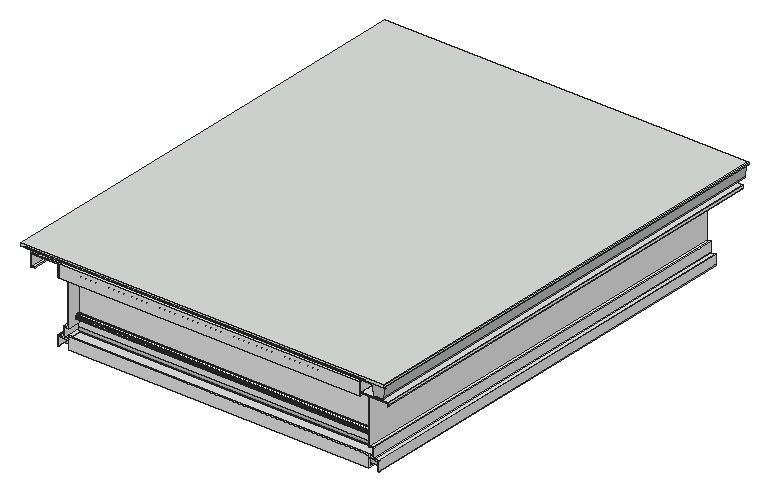
Revit family "Furniture-Mirror_Cabinet-KOHLER-K-55060_1", category Casework, host Face, Revit 2021
Family settings
  Host = Face
  OmniClass Number = 23.21.19.00
  OmniClass Title = Casework
  Cut with Voids When Loaded = No
  Shared = No
  Room Calculation Point = No
Parameters (values of type "NA-Not Applicable")
  Width = 15 63/64"  # constant formula
  WaterSense Certified = 1 = 0  # no
  URL = "https://www.us.kohler.com/us/"
  Type = 1
  Product Page URL = "http://www.us.kohler.com/us/catalog/productDetails.jsp?productNumber=55060"
  Product Name = ""
  Product Documentation Link = "https://www.us.kohler.com/webassets/kpna/catalog/pdf/en/K-55060_spec_US-CA_Kohler_en.pdf"
  Model = if(Type = 1, "K-55060-NA", "NA")  # "K-55060-NA"
  Material = "Aluminium"  # constant formula
  Master Format 2014 Name = "Bathroom Casework"  # constant formula
  Master Format 2014 = "12 35 30.23"  # constant formula
  Manufacturer Address = "444 Highland Dr, Kohler, WI 53044"  # constant formula
  Manufacturer = "Kohler Co."  # constant formula
  Product Finish = Kohler-Metal-V-Matte_Silver
  Height = 20"  # constant formula
  Hardware Included = 1 = 0  # no
  Finish = "Kohler-Metal-V-Matte_Silver"  # constant formula
  Environmental Product Declaration = ""
  Description = "CL Refresh 16 Inch X 20 Inch Recessed Only OPP"  # constant formula
  Depth = 4 3/128"  # constant formula
  Default Elevation = 60"
  Declare Label = ""
  Date Modified = "06/26/2023"  # constant formula
  Date Created = "06/26/2023"  # constant formula
  Copyright = "Copyright Kohler Co."  # constant formula
  Contact Us = "https://www.us.kohler.com/us/static/contact.jsp"
  Assembly Code = "E2010.30"
  ADA Compliant = 1 = 0  # no
Reference planes
  plane 1 "Center (Front/Back)": y = 0
  plane 2: z = 0
  plane 3 "Center (Left/Right)": x = 0
  plane 4: y = 254
  plane 5: y = -254
  plane 6: x = 203
  plane 7: x = -203.003
  plane 8: z = 24.105
  plane 9: z = -78.09
  plane 10: z = 14.01
  plane 11: z = 21.105
  plane 12: z = 23.47
  plane 13: z = 21.74
  plane 14: x = 182.172
  plane 15: x = -176.156
  plane 16: z = 8.312
  plane 17: y = 234.8
  plane 18: y = -234.8
Forms (mm)
  Extrusion 1, void
    sketch origin (0, 0, 0) x (1, 0, 0) y (0, 1, 0)
      loop
        line (182.172, -234.8) -> (182.172, 234.8) -> (-176.175, 234.8) -> (-176.175, -234.8) -> (182.172, -234.8)
    from -78.091 to 0
Dimensions and locks
  "Width": plane 7 to plane 6
  "Height": plane 5 to plane 4
  "Depth": plane 9 to plane 8
  plane 8 to level = 0.94902"
  plane 8 to plane 11 = 0.11811"
  level to plane 9 = 3.07442"  (x2)
  plane 7 to plane 6 = 15 63/64"
  plane 10 to plane 9 = 3.62599"
  plane 14 to plane 15 = 14.10742"
  plane 8 to plane 16 = 0.62179"
  plane 17 to plane 18 = 18.48819"
  aligned and locked: plane 2 to host face
  aligned and locked: level to host face
Automatic sketch dimensions
  host sketch curve to host sketch curve = 96"  (x2)
  Extrusion 1 sketch curve to plane 7 = 1.05622"
  Extrusion 1 sketch curve to plane 6 = 0.82"
  plane 5 to Extrusion 1 sketch curve = 0.75591"
  plane 4 to Extrusion 1 sketch curve = 0.75591"
Nested families
  nested 1: "K-55060" at (0, 0, -78.095), type "K-55060"
Definition of nested family "K-55060"
  Parameters
    Material = none
    Default Elevation = 0"
  Reference planes
    plane 1 "Center (Front/Back)": y = 0
    plane 2: z = 0
    plane 3 "Center (Left/Right)": x = 0
    plane 4: y = 254
    plane 5: y = -254
    plane 6: x = -203
    plane 7: x = 203
    plane 8: z = 92.1
    plane 9: z = 102.2
    plane 10: z = 78.095
    plane 11: x = 182.172
    plane 12: x = -176.156
    plane 13: z = 101.565
    plane 14: z = 99.835
  Forms (mm)
    Extrusion 1, solid, material <- "Material"
      sketch origin (0, 0, 0) x (0, 1, 0) y (0, 0, 1)
        loop
          line (228.459, 0.004) -> (234.804, 0.004) -> (234.804, 13.218)
          arc (234.804, 13.218) -> (234.253, 13.768) -> (233.703, 13.218) r 0.55
          line (233.703, 13.218) -> (233.703, 11.259) -> (219.178, 11.259)
          arc (219.178, 11.259) -> (218.785, 11.516) -> (218.862, 11.978) r 0.429
          arc (218.862, 11.978) -> (220.317, 14.309) -> (220.825, 17.01) r 7.432
          line (220.825, 17.01) -> (220.825, 25.57)
          arc (220.825, 25.57) -> (221.012, 25.92) -> (221.406, 25.958) r 0.42
          arc (221.406, 25.958) -> (223.248, 25.791) -> (224.856, 26.706) r 3.089
          arc (224.856, 26.706) -> (225.06, 27.358) -> (224.683, 27.927) r 0.794
          arc (224.683, 27.927) -> (224.295, 27.995) -> (223.962, 27.786) r 0.548
          arc (223.962, 27.786) -> (220.886, 28.744) -> (223.879, 29.935) r 1.709
          arc (223.879, 29.935) -> (224.383, 29.714) -> (224.876, 29.958) r 0.65
          arc (224.876, 29.958) -> (225.038, 30.454) -> (224.835, 30.935) r 0.745
          arc (224.835, 30.935) -> (223.235, 31.831) -> (221.41, 31.663) r 3.089
          arc (221.41, 31.663) -> (221.013, 31.702) -> (220.825, 32.053) r 0.423
          line (220.825, 32.053) -> (220.825, 68.547)
          arc (220.825, 68.547) -> (221.012, 68.896) -> (221.406, 68.935) r 0.42
          arc (221.406, 68.935) -> (223.248, 68.768) -> (224.856, 69.683) r 3.089
          arc (224.856, 69.683) -> (225.06, 70.335) -> (224.683, 70.904) r 0.794
          arc (224.683, 70.904) -> (224.295, 70.972) -> (223.962, 70.762) r 0.548
          arc (223.962, 70.762) -> (220.886, 71.721) -> (223.879, 72.912) r 1.709
          arc (223.879, 72.912) -> (224.383, 72.69) -> (224.876, 72.934) r 0.65
          arc (224.876, 72.934) -> (225.038, 73.431) -> (224.835, 73.912) r 0.745
          arc (224.835, 73.912) -> (223.235, 74.808) -> (221.41, 74.639) r 3.089
          arc (221.41, 74.639) -> (221.013, 74.678) -> (220.825, 75.03) r 0.423
          line (220.825, 75.03) -> (220.825, 90.526) -> (246.4, 90.526) -> (246.4, 79.193) -> (245.442, 79.193)
          arc (245.442, 79.193) -> (244.894, 78.645) -> (245.442, 78.097) r 0.548
          line (245.442, 78.097) -> (247.512, 78.097) -> (247.512, 91.645) -> (219.288, 91.645)
          arc (219.288, 91.645) -> (218.94, 91.43) -> (218.979, 91.023) r 0.388
          arc (218.979, 91.023) -> (219.533, 89.973) -> (219.725, 88.802) r 3.677
          line (219.725, 88.802) -> (219.725, 17.225)
          arc (219.725, 17.225) -> (218.757, 13.76) -> (216.133, 11.298) r 6.685
          arc (216.133, 11.298) -> (215.848, 11.03) -> (215.742, 10.653) r 0.728
          line (215.742, 10.653) -> (215.742, 9.86) -> (216.624, 9.86) -> (217.448, 10.16) -> (226.816, 10.16) -> (226.816, 7.113) -> (227.921, 7.113) -> (227.921, 10.16) -> (233.703, 10.16) -> (233.703, 1.112) -> (228.459, 1.112)
          arc (228.459, 1.112) -> (227.905, 0.558) -> (228.459, 0.004) r 0.554
      from -164.75 to 170.75
    Extrusion 2, solid, material <- "Material"
      sketch origin (0, 0, 0) x (1, 0, 0) y (0, 0, 1)
        loop
          line (171.85, 81.795) -> (171.85, 92.125) -> (170.75, 92.125) -> (170.75, 21.46) -> (175.1, 21.46) -> (175.1, 11.26) -> (170.75, 11.26) -> (170.75, 9.86) -> (171.545, 9.86) -> (172.369, 10.16) -> (181.072, 10.16) -> (181.072, 0.538)
          arc (181.072, 0.538) -> (181.622, -0.012) -> (182.172, 0.538) r 0.55
          line (182.172, 0.538) -> (182.172, 10.76)
          arc (182.172, 10.76) -> (182.026, 11.114) -> (181.672, 11.26) r 0.5
          line (181.672, 11.26) -> (176.7, 11.26)
          arc (176.7, 11.26) -> (176.346, 11.406) -> (176.2, 11.76) r 0.5
          line (176.2, 11.76) -> (176.2, 22.06)
          arc (176.2, 22.06) -> (176.054, 22.414) -> (175.7, 22.56) r 0.5
          line (175.7, 22.56) -> (171.85, 22.56) -> (171.85, 80.695) -> (201.4, 80.695) -> (201.4, 78.647)
          arc (201.4, 78.647) -> (201.95, 78.097) -> (202.5, 78.647) r 0.55
          line (202.5, 78.647) -> (202.5, 81.295)
          arc (202.5, 81.295) -> (202.354, 81.649) -> (202, 81.795) r 0.5
          line (202, 81.795) -> (171.85, 81.795)
      from -247.512 to 247.5
    Extrusion 3, void
      sketch origin (0, 0, 0) x (0, 1, 0) y (0, 0, 1)
        loop
          line (256.514, 78.095) -> (234.8, 78.095) -> (234.8, -21.905) -> (256.514, -21.905) -> (256.514, 78.095)
      from -339.721 to 250
    Extrusion 4, void
      sketch origin (0, 0, 0) x (0, -1, 0) y (0, 0, -1)
        loop
          line (256.514, -78.095) -> (256.514, 21.905) -> (234.8, 21.905) -> (234.8, -78.095) -> (256.514, -78.095)
      from -310.752 to 250
    Extrusion 5, solid, material <- "Material"
      sketch origin (0, 0, 0) x (0, -1, 0) y (0, 0, -1)
        loop
          arc (228.459, -0.004) -> (227.905, -0.558) -> (228.459, -1.112) r 0.554
          line (228.459, -1.112) -> (233.703, -1.112) -> (233.703, -10.16) -> (227.921, -10.16) -> (227.921, -7.113) -> (226.816, -7.113) -> (226.816, -10.16) -> (217.448, -10.16) -> (216.624, -9.86) -> (215.742, -9.86) -> (215.742, -10.653)
          arc (215.742, -10.653) -> (215.848, -11.03) -> (216.133, -11.298) r 0.728
          arc (216.133, -11.298) -> (218.757, -13.76) -> (219.725, -17.225) r 6.685
          line (219.725, -17.225) -> (219.725, -88.802)
          arc (219.725, -88.802) -> (219.533, -89.973) -> (218.979, -91.023) r 3.677
          arc (218.979, -91.023) -> (218.94, -91.43) -> (219.288, -91.645) r 0.388
          line (219.288, -91.645) -> (247.512, -91.645) -> (247.512, -78.097) -> (245.442, -78.097)
          arc (245.442, -78.097) -> (244.894, -78.645) -> (245.442, -79.193) r 0.548
          line (245.442, -79.193) -> (246.4, -79.193) -> (246.4, -90.526) -> (220.825, -90.526) -> (220.825, -75.03)
          arc (220.825, -75.03) -> (221.013, -74.678) -> (221.41, -74.639) r 0.423
          arc (221.41, -74.639) -> (223.235, -74.808) -> (224.835, -73.912) r 3.089
          arc (224.835, -73.912) -> (225.038, -73.431) -> (224.876, -72.934) r 0.745
          arc (224.876, -72.934) -> (224.383, -72.69) -> (223.879, -72.912) r 0.65
          arc (223.879, -72.912) -> (220.886, -71.721) -> (223.962, -70.762) r 1.709
          arc (223.962, -70.762) -> (224.295, -70.972) -> (224.683, -70.904) r 0.548
          arc (224.683, -70.904) -> (225.06, -70.335) -> (224.856, -69.683) r 0.794
          arc (224.856, -69.683) -> (223.248, -68.768) -> (221.406, -68.935) r 3.089
          arc (221.406, -68.935) -> (221.012, -68.896) -> (220.825, -68.547) r 0.42
          line (220.825, -68.547) -> (220.825, -32.053)
          arc (220.825, -32.053) -> (221.013, -31.702) -> (221.41, -31.663) r 0.423
          arc (221.41, -31.663) -> (223.235, -31.831) -> (224.835, -30.935) r 3.089
          arc (224.835, -30.935) -> (225.038, -30.454) -> (224.876, -29.958) r 0.745
          arc (224.876, -29.958) -> (224.383, -29.714) -> (223.879, -29.935) r 0.65
          arc (223.879, -29.935) -> (220.886, -28.744) -> (223.962, -27.786) r 1.709
          arc (223.962, -27.786) -> (224.295, -27.995) -> (224.683, -27.927) r 0.548
          arc (224.683, -27.927) -> (225.06, -27.358) -> (224.856, -26.706) r 0.794
          arc (224.856, -26.706) -> (223.248, -25.791) -> (221.406, -25.958) r 3.089
          arc (221.406, -25.958) -> (221.012, -25.92) -> (220.825, -25.57) r 0.42
          line (220.825, -25.57) -> (220.825, -17.01)
          arc (220.825, -17.01) -> (220.317, -14.309) -> (218.862, -11.978) r 7.432
          arc (218.862, -11.978) -> (218.785, -11.516) -> (219.178, -11.259) r 0.429
          line (219.178, -11.259) -> (233.703, -11.259) -> (233.703, -13.218)
          arc (233.703, -13.218) -> (234.253, -13.768) -> (234.804, -13.218) r 0.55
          line (234.804, -13.218) -> (234.804, -0.004) -> (228.459, -0.004)
      from -164.75 to 170.75
    Extrusion 6, solid, material <- "Material"
      sketch origin (0, 0, 0) x (1, 0, 0) y (0, 0, 1)
        loop
          line (-165.25, 92.125) -> (-196, 92.125)
          arc (-196, 92.125) -> (-196.354, 91.979) -> (-196.5, 91.625) r 0.5
          line (-196.5, 91.625) -> (-196.5, 78.595)
          arc (-196.5, 78.595) -> (-196.354, 78.241) -> (-196, 78.095) r 0.5
          line (-196, 78.095) -> (-192.486, 78.095)
          arc (-192.486, 78.095) -> (-191.936, 78.645) -> (-192.486, 79.195) r 0.55
          line (-192.486, 79.195) -> (-195.4, 79.195) -> (-195.4, 91.025) -> (-165.85, 91.025) -> (-165.85, 23.06)
          arc (-165.85, 23.06) -> (-165.996, 22.706) -> (-166.35, 22.56) r 0.5
          line (-166.35, 22.56) -> (-169.7, 22.56)
          arc (-169.7, 22.56) -> (-170.054, 22.414) -> (-170.2, 22.06) r 0.5
          line (-170.2, 22.06) -> (-170.2, 11.26) -> (-175.672, 11.26)
          arc (-175.672, 11.26) -> (-176.026, 11.114) -> (-176.172, 10.76) r 0.5
          line (-176.172, 10.76) -> (-176.172, 0.521)
          arc (-176.172, 0.521) -> (-175.622, -0.029) -> (-175.072, 0.521) r 0.55
          line (-175.072, 0.521) -> (-175.072, 10.16) -> (-166.072, 10.16) -> (-164.747, 9.852) -> (-164.747, 11.26) -> (-169.1, 11.26) -> (-169.1, 21.46) -> (-164.75, 21.46) -> (-164.75, 91.625)
          arc (-164.75, 91.625) -> (-164.896, 91.979) -> (-165.25, 92.125) r 0.5
      from -247.5 to 247.5
    Sweep 7, solid
      path origin (0, 0, 0) x (1, 0, 0) y (0, 1, 0)
        loop
          line (-203, 254) -> (-203, -254) -> (203, -254) -> (203, 254) -> (-203, 254)
      profile origin (-203, 0, 0) x (1, 0, 0) y (0, 0, 1)
        loop
          line (15.668, 95.209) -> (15.668, 99.2) -> (2.505, 99.2) -> (2.505, 98.28)
          arc (2.505, 98.28) -> (2.629, 97.883) -> (2.959, 97.628) r 0.694
          arc (2.959, 97.628) -> (4.028, 96.889) -> (4.61, 95.727) r 2.617
          arc (4.61, 95.727) -> (4.84, 95.355) -> (5.252, 95.209) r 0.656
          line (5.252, 95.209) -> (15.668, 95.209)
    Extrusion 8, solid
      sketch origin (0, 0, 0) x (1, 0, 0) y (0, 1, 0)
        loop
          line (187.332, 238.332) -> (-187.332, 238.332) -> (-187.332, -238.332) -> (187.332, -238.332) -> (187.332, 238.332)
      from 95.209 to 99.2
    Extrusion 9, solid
      sketch origin (0, 0, 0) x (1, 0, 0) y (0, 0, 1)
        loop
          line (-202.365, 102.2) -> (-203, 101.565) -> (-203, 99.835) -> (-202.365, 99.2) -> (202.365, 99.2) -> (203, 99.835) -> (203, 101.565) -> (202.365, 102.2) -> (-202.365, 102.2)
      from -254 to 254
    Extrusion 10, solid
      sketch origin (0, 0, 0) x (1, 0, 0) y (0, 1, 0)
        loop
          line (-196.45, -238.75) -> (-196.45, -247.5) -> (-187.75, -247.5) -> (-187.75, -238.75) -> (-196.45, -238.75)
        loop
          line (-196.45, 238.75) -> (-187.75, 238.75) -> (-187.75, 247.5) -> (-196.45, 247.5) -> (-196.45, 238.75)
      from 92.187 to 96.734
    Extrusion 11, solid, material <- "Material"
      sketch origin (0, 0, 0) x (1, 0, 0) y (0, 1, 0)
        loop
          line (154.6, 196.867) -> (154.6, 106.559) -> (198.328, 106.559) -> (198.328, 196.867) -> (154.6, 196.867)
        loop
          line (154.6, -196.867) -> (198.288, -196.867) -> (198.288, -106.559) -> (154.6, -106.559) -> (154.6, -196.867)
      from 92.187 to 95.209
    Extrusion 12, void
      sketch origin (0, 0, 0) x (1, 0, 0) y (0, 1, 0)
        loop
          line (154.6, 241) -> (-187.76, 241) -> (-187.76, -241) -> (154.6, -241) -> (154.6, 241)
      from 82.553 to 97.514
    Extrusion 13, solid, detail levels medium+fine
      sketch origin (0, 0, 0) x (1, 0, 0) y (0, 1, 0)
        loop
          line (168, -79.2) -> (168, -73.2) -> (-162, -73.2) -> (-162, -79.2) -> (168, -79.2)
        loop
          line (168, 73.2) -> (168, 79.2) -> (-162, 79.2) -> (-162, 73.2) -> (168, 73.2)
      from 6.86 to 90.625
    Extrusion 14, solid, detail levels medium+fine
      sketch origin (0, 0, 0) x (1, 0, 0) y (0, 1, 0)
        loop
          line (-156.087, 79.2) -> (-156.087, 81.795) -> (-165.226, 81.795) -> (-165.226, 70.631) -> (-156.087, 70.631) -> (-156.087, 73.2) -> (-162, 73.2) -> (-162, 79.2) -> (-156.087, 79.2)
        loop
          line (-162, -73.2) -> (-156.024, -73.2) -> (-156.024, -70.58) -> (-164.866, -70.58) -> (-164.866, -81.794) -> (-156.024, -81.794) -> (-156.024, -79.2) -> (-162, -79.2) -> (-162, -73.2)
        loop
          line (168, 79.2) -> (168, 73.2) -> (161.984, 73.2) -> (161.984, 70.703) -> (170.75, 70.703) -> (170.75, 81.719) -> (161.984, 81.719) -> (161.984, 79.2) -> (168, 79.2)
        loop
          line (170.75, -70.455) -> (162.087, -70.455) -> (162.087, -73.2) -> (168, -73.2) -> (168, -79.2) -> (162.087, -79.2) -> (162.087, -81.62) -> (170.75, -81.62) -> (170.75, -70.455)
      from 6.86 to 64.966
    Extrusion 15, solid
      sketch origin (0, 0, 0) x (1, 0, 0) y (0, 0, 1)
        loop
          line (202.365, 99.2) -> (187.365, 99.2) -> (188.983, 87.687)
          arc (188.983, 87.687) -> (189.484, 86.764) -> (190.468, 86.396) r 1.5
          line (190.468, 86.396) -> (199.466, 86.396)
          arc (199.466, 86.396) -> (200.46, 86.772) -> (200.955, 87.713) r 1.5
          line (200.955, 87.713) -> (202.365, 99.2)
      from -251.495 to 251.495
    Extrusion 16, solid
      sketch origin (0, 0, 0) x (1, 0, 0) y (0, 1, 0)
        loop
          line (181.072, -226) -> (181.072, 226) -> (-175.072, 226) -> (-175.072, -226) -> (181.072, -226)
      from 6.86 to -0.046
  Cuts and joins
    Extrusion 3, Extrusion 4 cuts Extrusion 2
    Extrusion 3, Extrusion 4 cuts Extrusion 6
    Extrusion 12 cuts Sweep 7
    Extrusion 12 cuts Extrusion 8
    joined: Sweep 7, Extrusion 8, Extrusion 15
  Lines and regions (mm)
    Masking region 1
      outline origin (0, 0, 0) x (1, 0, 0) y (0, 1, 0)
        loop
          line (-203, 254) -> (-203, -254) -> (203, -254) -> (203, 254) -> (-203, 254)
    Masking region 2
      outline origin (0, 0, 0) x (0, 1, 0) y (0, 0, 1)
        loop
          line (254, 101.565) -> (253.365, 102.2) -> (0, 102.2) -> (-253.365, 102.2) -> (-254, 101.565) -> (-254, 99.835) -> (-253.365, 99.2) -> (-251.52, 99.2) -> (-250.309, 87.68)
          arc (-250.309, 87.68) -> (-249.846, 86.772) -> (-248.895, 86.407) r 1.422
          line (-248.895, 86.407) -> (-247.5, 86.407) -> (-247.5, 78.095) -> (-234.8, 78.095) -> (-234.8, 0) -> (0, 0) -> (234.8, 0) -> (234.8, 78.095) -> (247.5, 78.095) -> (247.5, 86.407) -> (248.895, 86.407)
          arc (248.895, 86.407) -> (249.846, 86.772) -> (250.309, 87.68) r 1.422
          line (250.309, 87.68) -> (251.52, 99.2) -> (253.365, 99.2) -> (254, 99.835) -> (254, 101.565)
    Masking region 3
      outline origin (0, 0, 0) x (1, 0, 0) y (0, 0, 1)
        loop
          line (-202.365, 102.2) -> (-203, 101.565) -> (-203, 99.835) -> (-202.365, 99.2) -> (-200.625, 99.2) -> (-200.387, 98.309)
          arc (-200.387, 98.309) -> (-200.192, 97.944) -> (-199.856, 97.701) r 0.917
          arc (-199.856, 97.701) -> (-198.872, 96.925) -> (-198.43, 95.753) r 2.341
          arc (-198.43, 95.753) -> (-198.258, 95.407) -> (-197.899, 95.268) r 0.533
          line (-197.899, 95.268) -> (-196.668, 95.268) -> (-195.4, 92.1) -> (-196.5, 92.1) -> (-196.5, 78.595)
          arc (-196.5, 78.595) -> (-196.354, 78.241) -> (-196, 78.095) r 0.5
          line (-196, 78.095) -> (-191.99, 78.095) -> (-191.99, 79.195) -> (-194.9, 79.195)
          arc (-194.9, 79.195) -> (-195.254, 79.341) -> (-195.4, 79.695) r 0.5
          line (-195.4, 79.695) -> (-195.4, 90.525)
          arc (-195.4, 90.525) -> (-195.254, 90.879) -> (-194.9, 91.025) r 0.5
          line (-194.9, 91.025) -> (-166.35, 91.025)
          arc (-166.35, 91.025) -> (-165.996, 90.879) -> (-165.85, 90.525) r 0.5
          line (-165.85, 90.525) -> (-165.85, 23.06)
          arc (-165.85, 23.06) -> (-165.996, 22.706) -> (-166.35, 22.56) r 0.5
          line (-166.35, 22.56) -> (-169.684, 22.56)
          arc (-169.684, 22.56) -> (-170.038, 22.414) -> (-170.184, 22.06) r 0.5
          line (-170.184, 22.06) -> (-170.184, 18.268) -> (-172.27, 18.268)
          arc (-172.27, 18.268) -> (-172.623, 18.122) -> (-172.77, 17.768) r 0.5
          line (-172.77, 17.768) -> (-172.77, 14.935)
          arc (-172.77, 14.935) -> (-172.623, 14.582) -> (-172.27, 14.435) r 0.5
          line (-172.27, 14.435) -> (-170.184, 14.435) -> (-170.184, 11.76)
          arc (-170.184, 11.76) -> (-170.331, 11.406) -> (-170.684, 11.26) r 0.5
          line (-170.684, 11.26) -> (-175.656, 11.26)
          arc (-175.656, 11.26) -> (-176.01, 11.114) -> (-176.156, 10.76) r 0.5
          line (-176.156, 10.76) -> (-176.156, 0) -> (-175.056, 0) -> (-175.056, 10.16) -> (-173.984, 10.16) -> (-173.984, 6.86) -> (-164.728, 6.86) -> (-164.728, 0) -> (170.744, 0) -> (170.744, 6.86) -> (180, 6.86) -> (180, 10.16) -> (181.072, 10.16) -> (181.072, 0) -> (182.172, 0) -> (182.172, 10.76)
          arc (182.172, 10.76) -> (182.026, 11.114) -> (181.672, 11.26) r 0.5
          line (181.672, 11.26) -> (176.7, 11.26)
          arc (176.7, 11.26) -> (176.346, 11.406) -> (176.2, 11.76) r 0.5
          line (176.2, 11.76) -> (176.2, 14.435) -> (178.285, 14.435)
          arc (178.285, 14.435) -> (178.639, 14.582) -> (178.785, 14.935) r 0.5
          line (178.785, 14.935) -> (178.785, 17.768)
          arc (178.785, 17.768) -> (178.639, 18.122) -> (178.285, 18.268) r 0.5
          line (178.285, 18.268) -> (176.2, 18.268) -> (176.2, 22.06)
          arc (176.2, 22.06) -> (176.054, 22.414) -> (175.7, 22.56) r 0.5
          line (175.7, 22.56) -> (172.35, 22.56)
          arc (172.35, 22.56) -> (171.996, 22.706) -> (171.85, 23.06) r 0.5
          line (171.85, 23.06) -> (171.85, 68.934) -> (173.85, 68.934) -> (173.85, 70.446) -> (177.43, 70.446) -> (178.093, 70.911) -> (178.093, 74.957) -> (177.43, 75.446) -> (173.85, 75.446) -> (173.85, 76.914) -> (171.85, 76.914) -> (171.85, 80.195)
          arc (171.85, 80.195) -> (171.996, 80.549) -> (172.35, 80.695) r 0.5
          line (172.35, 80.695) -> (200.9, 80.695)
          arc (200.9, 80.695) -> (201.254, 80.549) -> (201.4, 80.195) r 0.5
          line (201.4, 80.195) -> (201.4, 78.095) -> (202.5, 78.095) -> (202.5, 81.295)
          arc (202.5, 81.295) -> (202.354, 81.649) -> (202, 81.795) r 0.5
          line (202, 81.795) -> (171.85, 81.795) -> (171.85, 82.599) -> (177.549, 82.599) -> (177.549, 83.451) -> (184.498, 83.451) -> (184.498, 85.555) -> (198.531, 85.555) -> (198.531, 86.441) -> (199.372, 86.441)
          arc (199.372, 86.441) -> (200.361, 86.813) -> (200.859, 87.746) r 1.5
          line (200.859, 87.746) -> (202.365, 99.2) -> (203, 99.835) -> (203, 101.565) -> (202.365, 102.2) -> (-202.365, 102.2)
        loop
          line (170.75, 11.26) -> (175.1, 11.26) -> (175.1, 21.46) -> (170.75, 21.46) -> (170.75, 11.26)
        loop
          line (-164.728, 21.46) -> (-169.1, 21.46) -> (-169.1, 11.26) -> (-164.728, 11.26) -> (-164.728, 21.46)
    symbolic lines, detail levels medium+fine
      curve 1: line (202.365, 253.365, 0) -> (-202.365, 253.365, 0)
      curve 2: line (-202.365, 253.365, 0) -> (-202.365, -253.365, 0)
      curve 3: line (202.365, -253.365, 0) -> (202.365, 253.365, 0)
      curve 4: line (-202.365, -253.365, 0) -> (202.365, -253.365, 0)
      curve 5: line (-203, 253.365, 0) -> (-202.365, 254, 0)
      curve 6: line (202.365, 254, 0) -> (203, 253.365, 0)
      curve 7: line (202.365, -254, 0) -> (203, -253.365, 0)
      curve 8: line (-203, -253.365, 0) -> (-202.365, -254, 0)
      curve 9: line (0, 247.5, 86.407) -> (0, 247.5, 92.1)
      curve 10: line (0, 247.5, 86.407) -> (0, 248.869, 86.407)
      curve 11: line (0, 247.5, 92.1) -> (0, 0, 92.1)
      curve 12: line (0, 238.78, 94.534) -> (0, 198.78, 94.534)
      curve 13: line (0, 251.52, 99.2) -> (0, 0, 99.2)
      curve 14: line (0, 247.5, 95.268) -> (0, 247.5, 94.458)
      curve 15: line (0, 247.5, 94.458) -> (0, 246.779, 92.1)
      curve 16: line (0, 247.5, 95.268) -> (0, 193.78, 95.268)
      curve 17: line (0, 193.78, 95.268) -> (0, 0, 95.268)
      curve 18: line (0, 234.8, 78.095) -> (0, 0, 78.095)
      curve 19: line (0, 234.8, 22.56) -> (0, 0, 22.56)
      curve 20: line (0, 234.8, 11.26) -> (0, 0, 11.26)
      curve 21: line (0, 238.597, 95.268) -> (0, 239.387, 92.1)
      curve 22: arc (0, 198.78, 94.534) -> (0, 196.148, 93.889) -> (0, 194.113, 92.1) r 5.692
      curve 23: line (0, 193.78, 95.268) -> (0, 190.612, 92.1)
      curve 24: line (0, 251.427, 98.315) -> (0, 0, 98.315)
      curve 25: line (0, 106.067, 94.476) -> (0, 0, 94.476)
      curve 26: arc (0, 110.67, 92.1) -> (0, 108.657, 93.847) -> (0, 106.067, 94.476) r 5.648
      curve 27: line (0, 113.82, 92.1) -> (0, 110.652, 95.268)
      curve 28: line (0, 249.569, 94.534) -> (0, 248.869, 87.881)
      curve 29: line (0, 248.869, 87.881) -> (0, 247.5, 87.881)
      curve 30: line (0, 248.869, 87.881) -> (0, 250.33, 87.881)
      curve 31: line (0, 248.869, 87.881) -> (0, 248.869, 86.407)
      curve 32: line (0, 251.222, 98.11) -> (0, 0, 98.11)
      curve 33: line (0, 253.365, 99.835) -> (0, 253.365, 101.565)
      curve 34: line (0, 253.365, 101.565) -> (0, 0, 101.565)
      curve 35: line (0, 0, 99.835) -> (0, 253.365, 99.835)
      curve 36: line (0, 247.5, 95.268) -> (0, 249.099, 95.268)
      curve 37: line (0, 249.099, 95.268) -> (0, 249.099, 94.458)
      curve 38: line (0, 247.5, 94.458) -> (0, 249.099, 94.458)
      curve 39: arc (0, 250.711, 98.11) -> (0, 248.786, 97.155) -> (0, 247.758, 95.268) r 3.572
      curve 40: line (0, 249.146, 95.472) -> (0, 0, 95.472)
      curve 41: line (0, 250.711, 98.11) -> (0, 250.711, 99.2)
      curve 42: line (0, -254, 101.565) -> (0, -253.365, 102.2)
      curve 43: line (0, -254, 99.835) -> (0, -254, 101.565)
      curve 44: line (0, -253.365, 99.2) -> (0, -254, 99.835)
      curve 45: line (0, 0, 102.2) -> (0, -253.365, 102.2)
      curve 46: line (0, -247.5, 78.095) -> (0, -247.5, 92.1)
      curve 47: line (0, -247.5, 86.407) -> (0, -248.869, 86.407)
      curve 48: line (0, -250.309, 87.68) -> (0, -251.52, 99.2)
      curve 49: line (0, -253.365, 99.2) -> (0, -251.52, 99.2)
      curve 50: line (0, 0, 0) -> (0, -234.8, 0)
      curve 51: line (0, -247.5, 92.1) -> (0, 0, 92.1)
      curve 52: line (0, -238.78, 94.534) -> (0, -198.78, 94.534)
      curve 53: line (0, -251.52, 99.2) -> (0, 0, 99.2)
      curve 54: line (0, -247.5, 95.268) -> (0, -247.5, 94.458)
      curve 55: line (0, -247.5, 94.458) -> (0, -246.779, 92.1)
      curve 56: line (0, -247.5, 95.268) -> (0, -193.78, 95.268)
      curve 57: line (0, -193.78, 95.268) -> (0, 0, 95.268)
      curve 58: line (0, -234.8, 78.095) -> (0, 0, 78.095)
      curve 59: line (0, -234.8, 22.56) -> (0, 0, 22.56)
      curve 60: line (0, -234.8, 11.26) -> (0, 0, 11.26)
      curve 61: line (0, -238.597, 95.268) -> (0, -239.387, 92.1)
      curve 62: arc (0, -198.78, 94.534) -> (0, -196.148, 93.889) -> (0, -194.113, 92.1) r 5.692
      curve 63: line (0, -193.78, 95.268) -> (0, -190.612, 92.1)
      curve 64: line (0, -251.427, 98.315) -> (0, 0, 98.315)
      curve 65: line (0, -106.067, 94.476) -> (0, 0, 94.476)
      curve 66: arc (0, -110.67, 92.1) -> (0, -108.657, 93.847) -> (0, -106.067, 94.476) r 5.648
      curve 67: line (0, -113.82, 92.1) -> (0, -110.652, 95.268)
      curve 68: line (0, -249.569, 94.534) -> (0, -248.869, 87.881)
      curve 69: line (0, -248.869, 87.881) -> (0, -247.5, 87.881)
      curve 70: line (0, -248.869, 87.881) -> (0, -250.33, 87.881)
      curve 71: line (0, -248.869, 87.881) -> (0, -248.869, 86.407)
      curve 72: line (0, -251.406, 98.11) -> (0, 0, 98.11)
      curve 73: line (0, -253.365, 99.835) -> (0, -253.365, 101.565)
      curve 74: line (0, -253.365, 101.565) -> (0, 0, 101.565)
      curve 75: line (0, 0, 99.835) -> (0, -253.365, 99.835)
      curve 76: line (0, -247.5, 95.268) -> (0, -249.099, 95.268)
      curve 77: line (0, -249.099, 95.268) -> (0, -249.099, 94.458)
      curve 78: line (0, -247.5, 94.458) -> (0, -249.099, 94.458)
      curve 79: line (0, -249.195, 95.472) -> (0, 0, 95.472)
      curve 80: line (0, -250.711, 98.11) -> (0, -250.711, 99.2)
      curve 81: arc (0, 251.427, 98.315) -> (0, 251.323, 98.214) -> (0, 251.222, 98.11) r 6.108
      curve 82: arc (0, 251.222, 98.11) -> (0, 250.099, 96.459) -> (0, 249.569, 94.534) r 6.108
      curve 83: arc (0, 251.222, 98.11) -> (0, 249.841, 96.928) -> (0, 249.099, 95.268) r 4.142
      curve 84: line (0, -247.5, 94.458) -> (0, -246.779, 92.1)
      curve 85: line (0, -249.569, 94.534) -> (0, -248.869, 87.881)
      curve 86: line (0, -248.869, 87.881) -> (0, -247.5, 87.881)
      curve 87: line (0, -249.099, 95.268) -> (0, -249.099, 94.458)
      curve 88: line (0, -247.5, 94.458) -> (0, -249.099, 94.458)
      curve 89: arc (0, -251.406, 98.11) -> (0, -250.153, 96.494) -> (0, -249.569, 94.534) r 5.562
      curve 90: arc (0, -247.5, 95.268) -> (0, -249.173, 97.074) -> (0, -251.406, 98.11) r 6.366
      curve 91: arc (0, -249.099, 95.268) -> (0, -250.065, 96.841) -> (0, -251.406, 98.11) r 7.062
      curve 92: line (0, 249.099, 94.458) -> (0, 251.022, 94.458)
      curve 93: arc (0, 249.146, 95.472) -> (0, 250.137, 95.434) -> (0, 251.128, 95.472) r 12.871
      curve 94: arc (0, -249.146, 95.472) -> (0, -250.137, 95.434) -> (0, -251.128, 95.472) r 12.871
      curve 95: line (0, -249.099, 94.458) -> (0, -251.022, 94.458)
      curve 96: line (153.052, 0, 95.268) -> (-187.694, 0, 95.268)
      curve 97: line (-187.694, 0, 95.268) -> (-188.253, 0, 92.1)
      curve 98: line (-164.728, 0, 6.86) -> (-164.728, 0, 92.1)
      curve 99: line (170.75, 0, 92.1) -> (170.75, 0, 6.823)
      curve 100: line (170.75, 0, 11.26) -> (175.1, 0, 11.26)
      curve 101: line (175.1, 0, 21.46) -> (175.1, 0, 11.26)
      curve 102: line (175.1, 0, 21.46) -> (170.75, 0, 21.46)
      curve 103: line (180, 0, 10.16) -> (170.75, 0, 10.16)
      curve 104: line (-164.728, 0, 21.46) -> (-169.1, 0, 21.46)
      curve 105: line (-164.728, 0, 11.26) -> (-169.1, 0, 11.26)
      curve 106: line (-169.1, 0, 11.26) -> (-169.1, 0, 21.46)
      curve 107: line (-173.984, 0, 10.16) -> (-164.728, 0, 10.16)
      curve 108: line (-200.625, 0, 99.2) -> (202.365, 0, 99.2)
      curve 109: line (-200.387, 0, 98.309) -> (186.904, 0, 98.309)
      curve 110: line (198.531, 0, 86.441) -> (188.245, 0, 86.441)
      curve 111: line (188.245, 0, 86.441) -> (186.904, 0, 98.309)
      curve 112: line (188.038, 0, 88.275) -> (171.85, 0, 88.275)
      curve 113: line (171.85, 0, 88.275) -> (171.85, 0, 92.1)
      curve 114: line (171.85, 0, 88.275) -> (171.85, 0, 82.599)
      curve 115: line (-164.728, 0, 17.036) -> (170.75, 0, 17.036)
      curve 116: line (170.75, 0, 13.738) -> (-164.728, 0, 13.738)
      curve 117: line (-164.728, 0, 32.059) -> (170.75, 0, 32.059)
      curve 118: line (170.75, 0, 25.478) -> (-164.728, 0, 25.478)
      curve 119: line (-164.728, 0, 75.078) -> (170.75, 0, 75.078)
      curve 120: line (170.75, 0, 68.719) -> (-164.728, 0, 68.719)
      curve 121: line (-164.728, 0, 91.618) -> (170.75, 0, 91.618)
      curve 122: line (170.75, 0, 91.252) -> (-164.728, 0, 91.252)
      curve 123: line (-195.4, 0, 92.1) -> (-188.253, 0, 92.1)
      curve 124: line (153.052, 0, 95.268) -> (153.63, 0, 91.618)
      curve 125: line (-188.253, 0, 92.1) -> (-164.728, 0, 92.1)
      curve 126: line (189.625, 0, 94.681) -> (190.557, 0, 86.441)
      curve 127: arc (186.904, 0, 98.309) -> (188.758, 0, 96.865) -> (189.625, 0, 94.681) r 4.478
      curve 128: line (188.103, 0, 87.702) -> (199.19, 0, 87.702)
      curve 129: line (199.19, 0, 87.702) -> (200.701, 0, 99.2)
      curve 130: line (199.19, 0, 87.702) -> (199.19, 0, 86.441)
      curve 131: line (199.19, 0, 87.702) -> (200.853, 0, 87.702)
      curve 132: line (188.245, 0, 86.441) -> (171.85, 0, 86.441)
      curve 133: line (182.986, 0, 83.451) -> (182.986, 0, 86.441)
      curve 134: line (153.052, 0, 95.268) -> (187.247, 0, 95.268)
      curve 135: line (155.059, 0, 91.618) -> (154.481, 0, 95.268)
      curve 136: line (-196.668, 0, 95.268) -> (-187.694, 0, 95.268)
      curve 137: line (177.43, 0, 70.446) -> (177.43, 0, 75.446)
      curve 138: line (173.85, 0, 75.446) -> (173.85, 0, 70.446)
      curve 139: line (171.85, 0, 68.934) -> (171.85, 0, 76.914)
      curve 140: line (178.285, 0, 18.268) -> (178.285, 0, 14.435)
      curve 141: line (176.2, 0, 18.268) -> (176.2, 0, 14.435)
      curve 142: line (-172.27, 0, 18.268) -> (-172.27, 0, 14.435)
      curve 143: line (-170.184, 0, 18.268) -> (-170.184, 0, 14.435)
      curve 144: line (171.85, 0, 92.1) -> (170.75, 0, 92.1)
      curve 145: line (-202.365, 0, 101.565) -> (-202.365, 0, 99.835)
      curve 146: line (-202.365, 0, 101.565) -> (202.365, 0, 101.565)
      curve 147: line (202.365, 0, 99.835) -> (-202.365, 0, 99.835)
      curve 148: line (202.365, 0, 101.565) -> (202.365, 0, 99.835)
  Dimensions and locks
    aligned and locked: plane 2 to level
